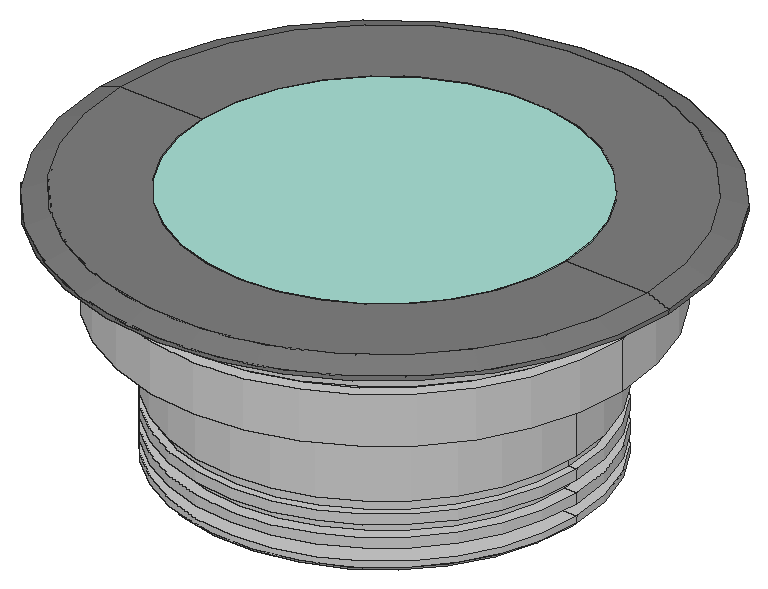
Revit family "Bright 5.F", category Lighting Fixtures, host Face, Revit 2017 (continued)
Types (16, lengths in mm): name | Wattage | Power | Photometric Web File | Optics | built-in parameter 1150142 | built-in parameter 1150105 | Lumens | built-in parameter 1150106 | Apparent Load Phase 1
    .00 0.00 0.00 0.00 0.00 0.00 \r\n0.00 0.00 0.00 0.00 0.00 0.00 0.00 0.00 0.00 0.00 0.00 \r\n0.00 0.00 0.00 0.00 0.00 0.00 0.00 0.00 0.00 0.00 0.00 \r\n0.00 0.00 0.00 0.00 0.00 0.00 0.00 0.00 0.00 0.00 0.00 \r\n2995.00 2939.38 2809.22 2604.99 2348.51 2067.10 1766.60 \r\n1480.29 1204.70 974.08 775.96 616.15 481.02 389.34 317.84 \r\n264.76 225.21 194.93 171.26 153.21 137.79 124.90 114.37 \r\n104.73 96.10 87.89 81.09 74.59 68.74 63.29 58.48 53.99 \r\n50.13 46.33 43.14 40.29 37.56 35.17 33.04 31.08 29.20 \r\n27.40 25.83 24.31 22.88 21.57 20.33 19.18 18.06 17.02 \r\n16.03 15.08 14.19 13.34 12.50 11.74 11.02 10.32 9.64 8.99 \r\n8.39 7.78 7.22 6.70 6.18 5.71 5.25 4.82 4.40 4.00 3.60 \r\n3.26 2.89 2.57 2.26 1.97 1.70 1.44 1.20 0.98 0.78 0.61 \r\n0.46 0.33 0.24 0.16 0.10 0.07 0.05 0.02 0.00 0.00 0.00 \r\n0.00 0.00 0.00 0.00 0.00 0.00 0.00 0.00 0.00 0.00 0.00 \r\n0.00 0.00 0.00 0.00 0.00 0.00 0.00 0.00 0.00 0.00 0.00 \r\n0.00 0.00 0.00 0.00 0.00 0.00 0.00 0.00 0.00 0.00 0.00 \r\n0.00 0.00 0.00 0.00 0.00 0.00 0.00 0.00 0.00 0.00 0.00 \r\n0.00 0.00 0.00 0.00 0.00 0.00 0.00 0.00 0.00 0.00 0.00 \r\n0.00 0.00 0.00 0.00 0.00 0.00 0.00 0.00 0.00 0.00 0.00 \r\n0.00 0.00 0.00 0.00 0.00 0.00 0.00 0.00 0.00 0.00 0.00 \r\n0.00 0.00 0.00 0.00 0.00 0.00 0.00 0.00 0.00 0.00 0.00 \r\n2995.00 2949.50 2826.43 2644.08 2410.85 2150.34 1863.22 \r\n1597.22 1325.66 1103.23 899.81 720.97 584.04 468.39 \r\n385.14 320.39 270.31 229.97 201.44 177.68 159.47 144.03 \r\n131.30 120.31 111.03 101.77 94.43 87.44 80.96 74.92 69.39 \r\n64.58 59.74 55.61 51.61 48.10 44.69 41.67 38.95 36.48 \r\n34.13 32.04 30.04 28.21 26.52 24.95 23.40 22.05 20.71 \r\n19.45 18.32 17.18 16.15 15.15 14.21 13.32 12.49 11.65 \r\n10.92 10.16 9.48 8.76 8.14 7.56 6.94 6.41 5.89 5.39 4.92 \r\n4.45 4.01 3.61 3.21 2.85 2.49 2.18 1.87 1.58 1.31 1.07 \r\n0.84 0.66 0.50 0.36 0.25 0.17 0.11 0.07 0.05 0.02 0.00 \r\n0.00 0.00 0.00 0.00 0.00 0.00 0.00 0.00 0.00 0.00 0.00 \r\n0.00 0.00 0.00 0.00 0.00 0.00 0.00 0.00 0.00 0.00 0.00 \r\n0.00 0.00 0.00 0.00 0.00 0.00 0.00 0.00 0.00 0.00 0.00 \r\n0.00 0.00 0.00 0.00 0.00 0.00 0.00 0.00 0.00 0.00 0.00 \r\n0.00 0.00 0.00 0.00 0.00 0.00 0.00 0.00 0.00 0.00 0.00 \r\n0.00 0.00 0.00 0.00 0.00 0.00 0.00 0.00 0.00 0.00 0.00 \r\n0.00 0.00 0.00 0.00 0.00 0.00 0.00 0.00 0.00 0.00 0.00 \r\n0.00 0.00 0.00 0.00 0.00 0.00 0.00 0.00 0.00 0.00 0.00 \r\n0.00 0.00 \r\n2995.00 2949.40 2845.86 2686.60 2469.40 2234.05 1978.12 \r\n1724.91 1481.56 1247.31 1044.36 874.70 701.14 586.00 \r\n487.31 403.57 340.09 288.61 247.59 218.07 193.33 172.88 \r\n157.06 143.18 131.61 121.31 112.31 104.77 97.16 90.47 \r\n84.59 78.42 73.23 68.33 63.46 59.15 54.90 51.07 47.44 \r\n44.12 41.32 38.43 35.78 33.44 31.14 29.17 27.32 25.55 \r\n23.94 22.43 21.00 19.67 18.44 17.24 16.16 15.09 14.11 \r\n13.19 12.29 11.46 10.64 9.87 9.14 8.44 7.76 7.15 6.55 \r\n5.99 5.45 4.93 4.43 3.99 3.55 3.14 2.75 2.38 2.05 1.73 \r\n1.44 1.16 0.93 0.71 0.54 0.38 0.26 0.18 0.11 0.07 0.05 \r\n0.02 0.00 0.00 0.00 0.00 0.00 0.00 0.00 0.00 0.00 0.00 \r\n0.00 0.00 0.00 0.00 0.00 0.00 0.00 0.00 0.00 0.00 0.00 \r\n0.00 0.00 0.00 0.00 0.00 0.00 0.00 0.00 0.00 0.00 0.00 \r\n0.00 0.00 0.00 0.00 0.00 0.00 0.00 0.00 0.00 0.00 0.00 \r\n0.00 0.00 0.00 0.00 0.00 0.00 0.00 0.00 0.00 0.00 0.00 \r\n0.00 0.00 0.00 0.00 0.00 0.00 0.00 0.00 0.00 0.00 0.00 \r\n0.00 0.00 0.00 0.00 0.00 0.00 0.00 0.00 0.00 0.00 0.00 \r\n0.00 0.00 0.00 0.00 0.00 0.00 0.00 0.00 0.00 0.00 0.00 \r\n0.00 0.00 0.00 0.00 \r\n2995.00 2959.17 2866.65 2723.95 2536.88 2327.40 2097.70 \r\n1869.09 1629.47 1420.50 1218.11 1034.03 875.90 740.07 \r\n621.85 527.29 447.10 379.63 327.44 282.93 249.72 220.57 \r\n197.56 179.02 163.72 149.40 138.39 128.33 119.45 111.21 \r\n103.61 97.17 90.47 84.46 78.53 73.21 68.22 63.46 58.86 \r\n54.71 50.84 47.16 43.56 40.49 37.58 34.79 32.31 30.07 \r\n28.01 26.07 24.34 22.63 21.15 19.62 18.36 17.12 15.99 \r\n14.89 13.86 12.86 11.95 11.01 10.22 9.44 8.65 7.96 7.27 \r\n6.64 6.05 5.46 4.89 4.37 3.87 3.43 2.99 2.61 2.23 1.87 \r\n1.56 1.26 1.01 0.77 0.58 0.41 0.28 0.18 0.12 0.08 0.05 \r\n0.02 0.00 0.00 0.00 0.00 0.00 0.00 0.00 0.00 0.00 0.00 \r\n0.00 0.00 0.00 0.00 0.00 0.00 0.00 0.00 0.00 0.00 0.00 \r\n0.00 0.00 0.00 0.00 0.00 0.00 0.00 0.00 0.00 0.00 0.00 \r\n0.00 0.00 0.00 0.00 0.00 0.00 0.00 0.00 0.00 0.00 0.00 \r\n0.00 0.00 0.00 0.00 0.00 0.00 0.00 0.00 0.00 0.00 0.00 \r\n0.00 0.00 0.00 0.00 0.00 0.00 0.00 0.00 0.00 0.00 0.00 \r\n0.00 0.00 0.00 0.00 0.00 0.00 0.00 0.00 0.00 0.00 0.00 \r\n0.00 0.00 0.00 0.00 0.00 0.00 0.00 0.00 0.00 0.00 0.00 \r\n0.00 0.00 0.00 0.00 \r\n2995.00 2965.58 2882.29 2764.19 2596.13 2419.95 2206.21 \r\n2007.87 1794.96 1601.90 1411.29 1239.94 1071.46 940.62 \r\n811.81 702.62 609.67 525.86 458.41 397.02 348.74 305.53 \r\n273.32 243.51 220.29 199.20 182.55 167.81 154.83 143.36 \r\n133.18 123.80 115.11 107.05 99.07 92.31 85.42 79.31 73.42 \r\n68.20 63.04 58.39 53.76 49.73 45.94 42.32 39.08 36.10 \r\n33.48 30.82 28.52 26.38 24.45 22.56 21.04 19.53 18.16 \r\n16.84 15.62 14.45 13.38 12.38 11.40 10.53 9.66 8.86 8.06 \r\n7.37 6.65 6.02 5.37 4.82 4.26 3.74 3.27 2.82 2.43 2.03 \r\n1.70 1.37 1.09 0.85 0.63 0.44 0.30 0.19 0.12 0.08 0.05 \r\n0.02 0.00 0.00 0.00 0.00 0.00 0.00 0.00 0.00 0.00 0.00 \r\n0.00 0.00 0.00 0.00 0.00 0.00 0.00 0.00 0.00 0.00 0.00 \r\n0.00 0.00 0.00 0.00 0.00 0.00 0.00 0.00 0.00 0.00 0.00 \r\n0.00 0.00 0.00 0.00 0.00 0.00 0.00 0.00 0.00 0.00 0.00 \r\n0.00 0.00 0.00 0.00 0.00 0.00 0.00 0.00 0.00 0.00 0.00 \r\n0.00 0.00 0.00 0.00 0.00 0.00 0.00 0.00 0.00 0.00 0.00 \r\n0.00 0.00 0.00 0.00 0.00 0.00 0.00 0.00 0.00 0.00 0.00 \r\n0.00 0.00 0.00 0.00 0.00 0.00 0.00 0.00 0.00 0.00 0.00 \r\n0.00 0.00 0.00 0.00 \r\n2995.00 2965.32 2897.41 2795.57 2648.44 2492.95 2322.95 \r\n2144.98 1961.90 1788.15 1620.59 1471.67 1307.87 1175.79 \r\n1054.30 937.21 834.89 740.21 654.40 583.90 515.31 459.21 \r\n410.44 366.82 330.37 297.41 270.90 246.94 225.32 205.44 \r\n189.08 172.89 158.50 146.02 132.81 121.63 111.08 101.42 \r\n93.29 85.07 78.43 71.96 65.83 60.58 55.61 51.22 47.09 \r\n43.06 39.63 36.39 33.37 30.70 28.36 26.05 24.10 22.17 \r\n20.55 18.96 17.59 16.24 14.96 13.79 12.72 11.66 10.71 \r\n9.82 8.92 8.11 7.32 6.59 5.90 5.27 4.63 4.09 3.56 3.06 \r\n2.63 2.20 1.83 1.48 1.18 0.90 0.67 0.48 0.32 0.21 0.13 \r\n0.08 0.05 0.02 0.00 0.00 0.00 0.00 0.00 0.00 0.00 0.00 \r\n0.00 0.00 0.00 0.00 0.00 0.00 0.00 0.00 0.00 0.00 0.00 \r\n0.00 0.00 0.00 0.00 0.00 0.00 0.00 0.00 0.00 0.00 0.00 \r\n0.00 0.00 0.00 0.00 0.00 0.00 0.00 0.00 0.00 0.00 0.00 \r\n0.00 0.00 0.00 0.00 0.00 0.00 0.00 0.00 0.00 0.00 0.00 \r\n0.00 0.00 0.00 0.00 0.00 0.00 0.00 0.00 0.00 0.00 0.00 \r\n0.00 0.00 0.00 0.00 0.00 0.00 0.00 0.00 0.00 0.00 0.00 \r\n0.00 0.00 0.00 0.00 0.00 0.00 0.00 0.00 0.00 0.00 0.00 \r\n0.00 0.00 0.00 0.00 0.00 0.00 \r\n2995.00 2972.26 2912.57 2824.51 2705.99 2570.86 2426.79 \r\n2273.88 2126.31 1972.45 1834.78 1698.74 1562.15 1445.48 \r\n1332.39 1221.87 1124.11 1026.37 939.38 856.31 782.23 \r\n712.27 652.10 596.94 547.70 499.04 457.51 421.49 386.90 \r\n353.24 324.14 294.05 266.09 238.80 211.42 186.60 164.37 \r\n144.50 127.50 113.03 100.98 90.84 81.41 73.75 66.93 60.98 \r\n55.74 50.79 46.44 42.50 38.83 35.52 32.55 29.80 27.37 \r\n25.12 23.15 21.32 19.63 18.11 16.68 15.31 14.07 12.93 \r\n11.79 10.81 9.80 8.93 8.07 7.25 6.45 5.75 5.08 4.48 3.88 \r\n3.35 2.86 2.39 1.98 1.60 1.27 0.98 0.73 0.51 0.34 0.22 \r\n0.14 0.09 0.06 0.02 0.00 0.00 0.00 0.00 0.00 0.00 0.00 \r\n0.00 0.00 0.00 0.00 0.00 0.00 0.00 0.00 0.00 0.00 0.00 \r\n0.00 0.00 0.00 0.00 0.00 0.00 0.00 0.00 0.00 0.00 0.00 \r\n0.00 0.00 0.00 0.00 0.00 0.00 0.00 0.00 0.00 0.00 0.00 \r\n0.00 0.00 0.00 0.00 0.00 0.00 0.00 0.00 0.00 0.00 0.00 \r\n0.00 0.00 0.00 0.00 0.00 0.00 0.00 0.00 0.00 0.00 0.00 \r\n0.00 0.00 0.00 0.00 0.00 0.00 0.00 0.00 0.00 0.00 0.00 \r\n0.00 0.00 0.00 0.00 0.00 0.00 0.00 0.00 0.00 0.00 0.00 \r\n0.00 0.00 0.00 0.00 0.00 0.00 0.00 \r\n2995.00 2975.62 2924.59 2850.09 2741.94 2634.42 2512.64 \r\n2383.51 2254.43 2134.13 2024.04 1917.68 1811.60 1711.61 \r\n1619.23 1527.05 1446.02 1361.77 1282.86 1209.64 1137.35 \r\n1071.49 1011.45 953.66 903.02 850.22 804.86 761.55 715.42 \r\n670.90 627.40 576.39 521.77 464.83 400.34 345.17 287.42 \r\n240.79 199.92 166.47 140.60 121.40 104.59 92.18 81.18 \r\n72.78 65.72 59.03 53.80 49.20 44.58 40.61 37.07 33.80 \r\n31.07 28.33 25.92 23.87 21.88 20.16 18.52 16.93 15.62 \r\n14.28 13.06 11.91 10.77 9.80 8.88 8.01 7.13 6.32 5.58 \r\n4.92 4.23 3.67 3.14 2.62 2.17 1.75 1.38 1.06 0.78 0.55 \r\n0.36 0.23 0.14 0.09 0.06 0.02 0.00 0.00 0.00 0.00 0.00 \r\n0.00 0.00 0.00 0.00 0.00 0.00 0.00 0.00 0.00 0.00 0.00 \r\n0.00 0.00 0.00 0.00 0.00 0.00 0.00 0.00 0.00 0.00 0.00 \r\n0.00 0.00 0.00 0.00 0.00 0.00 0.00 0.00 0.00 0.00 0.00 \r\n0.00 0.00 0.00 0.00 0.00 0.00 0.00 0.00 0.00 0.00 0.00 \r\n0.00 0.00 0.00 0.00 0.00 0.00 0.00 0.00 0.00 0.00 0.00 \r\n0.00 0.00 0.00 0.00 0.00 0.00 0.00 0.00 0.00 0.00 0.00 \r\n0.00 0.00 0.00 0.00 0.00 0.00 0.00 0.00 0.00 0.00 0.00 \r\n0.00 0.00 0.00 0.00 0.00 0.00 0.00 0.00 0.00 \r\n2995.00 2976.82 2932.31 2864.05 2774.64 2678.18 2573.61 \r\n2471.93 2364.14 2267.25 2179.06 2097.07 2015.17 1944.17 \r\n1876.29 1812.04 1749.67 1686.33 1628.93 1574.49 1523.58 \r\n1473.50 1432.37 1392.83 1357.53 1324.41 1293.26 1264.54 \r\n1230.47 1188.99 1139.35 1070.15 990.22 881.84 773.45 \r\n649.74 534.56 427.24 338.43 267.55 212.85 169.63 139.64 \r\n117.30 101.07 88.53 78.40 70.17 63.40 57.51 52.40 47.54 \r\n43.50 39.58 36.32 33.10 30.36 27.86 25.64 23.57 21.57 \r\n19.79 18.14 16.69 15.27 13.95 12.64 11.48 10.37 9.35 8.36 \r\n7.42 6.52 5.76 5.01 4.30 3.67 3.07 2.52 2.04 1.58 1.20 \r\n0.89 0.62 0.41 0.26 0.16 0.09 0.06 0.02 0.00 0.00 0.00 \r\n0.00 0.00 0.00 0.00 0.00 0.00 0.00 0.00 0.00 0.00 0.00 \r\n0.00 0.00 0.00 0.00 0.00 0.00 0.00 0.00 0.00 0.00 0.00 \r\n0.00 0.00 0.00 0.00 0.00 0.00 0.00 0.00 0.00 0.00 0.00 \r\n0.00 0.00 0.00 0.00 0.00 0.00 0.00 0.00 0.00 0.00 0.00 \r\n0.00 0.00 0.00 0.00 0.00 0.00 0.00 0.00 0.00 0.00 0.00 \r\n0.00 0.00 0.00 0.00 0.00 0.00 0.00 0.00 0.00 0.00 0.00 \r\n0.00 0.00 0.00 0.00 0.00 0.00 0.00 0.00 0.00 0.00 0.00 \r\n0.00 0.00 0.00 0.00 0.00 0.00 0.00 0.00 0.00 0.00 0.00 \r\n2995.00 2978.95 2938.24 2877.81 2794.54 2709.85 2617.53 \r\n2523.74 2432.19 2351.12 2276.56 2213.79 2152.26 2101.93 \r\n2052.20 2008.92 1967.17 1927.50 1891.53 1856.90 1828.06 \r\n1804.52 1786.11 1771.92 1764.08 1757.51 1753.89 1748.94 \r\n1737.51 1712.94 1666.28 1597.28 1485.15 1353.05 1182.90 \r\n1007.27 820.45 659.59 505.24 391.48 295.99 229.36 177.82 \r\n145.61 121.77 105.08 92.51 82.68 74.96 67.96 62.41 56.95 \r\n52.47 47.98 44.34 40.69 37.75 34.73 32.11 29.59 27.40 \r\n25.25 23.38 21.63 19.94 18.48 16.78 15.34 13.93 12.61 \r\n11.30 10.09 8.95 7.90 6.90 5.97 5.11 4.25 3.50 2.79 2.18 \r\n1.62 1.20 0.80 0.53 0.31 0.18 0.10 0.06 0.02 0.01 0.00 \r\n0.00 0.00 0.00 0.00 0.00 0.00 0.00 0.00 0.00 0.00 0.00 \r\n0.00 0.00 0.00 0.00 0.00 0.00 0.00 0.00 0.00 0.00 0.00 \r\n0.00 0.00 0.00 0.00 0.00 0.00 0.00 0.00 0.00 0.00 0.00 \r\n0.00 0.00 0.00 0.00 0.00 0.00 0.00 0.00 0.00 0.00 0.00 \r\n0.00 0.00 0.00 0.00 0.00 0.00 0.00 0.00 0.00 0.00 0.00 \r\n0.00 0.00 0.00 0.00 0.00 0.00 0.00 0.00 0.00 0.00 0.00 \r\n0.00 0.00 0.00 0.00 0.00 0.00 0.00 0.00 0.00 0.00 0.00 \r\n0.00 0.00 0.00 0.00 0.00 0.00 0.00 0.00 0.00 0.00 0.00 \r\n0.00 \r\n2995.00 2978.84 2942.36 2882.05 2801.38 2716.91 2630.02 \r\n2545.80 2462.93 2382.07 2316.37 2260.22 2200.45 2159.24 \r\n2120.52 2080.91 2047.53 2016.79 1989.03 1962.32 1942.25 \r\n1930.15 1923.51 1920.92 1924.01 1932.59 1944.47 1955.47 \r\n1960.29 1944.40 1915.17 1836.31 1728.15 1571.62 1379.19 \r\n1171.56 970.26 762.32 581.47 437.37 331.53 256.42 196.71 \r\n157.55 132.20 112.29 99.92 88.96 80.67 73.68 67.42 62.19 \r\n57.47 52.97 49.20 45.49 42.22 39.35 36.23 33.62 31.41 \r\n29.04 27.08 25.14 23.30 21.77 19.87 18.19 16.64 15.07 \r\n13.64 12.13 10.89 9.70 8.43 7.31 6.33 5.25 4.28 3.42 2.66 \r\n2.00 1.44 0.97 0.63 0.36 0.20 0.10 0.06 0.02 0.01 0.00 \r\n0.00 0.00 0.00 0.00 0.00 0.00 0.00 0.00 0.00 0.00 0.00 \r\n0.00 0.00 0.00 0.00 0.00 0.00 0.00 0.00 0.00 0.00 0.00 \r\n0.00 0.00 0.00 0.00 0.00 0.00 0.00 0.00 0.00 0.00 0.00 \r\n0.00 0.00 0.00 0.00 0.00 0.00 0.00 0.00 0.00 0.00 0.00 \r\n0.00 0.00 0.00 0.00 0.00 0.00 0.00 0.00 0.00 0.00 0.00 \r\n0.00 0.00 0.00 0.00 0.00 0.00 0.00 0.00 0.00 0.00 0.00 \r\n0.00 0.00 0.00 0.00 0.00 0.00 0.00 0.00 0.00 0.00 0.00 \r\n0.00 0.00 0.00 0.00 0.00 0.00 0.00 0.00 0.00 0.00 0.00 \r\n0.00 \r\n2995.00 2978.95 2938.24 2877.81 2794.54 2709.85 2617.53 \r\n2523.74 2432.19 2351.12 2276.56 2213.79 2152.26 2101.93 \r\n2052.20 2008.92 1967.17 1927.50 1891.53 1856.90 1828.06 \r\n1804.52 1786.11 1771.92 1764.08 1757.51 1753.89 1748.94 \r\n1737.51 1712.94 1666.28 1597.28 1485.15 1353.05 1182.90 \r\n1007.27 820.45 659.59 505.24 391.48 295.99 229.36 177.82 \r\n145.61 121.77 105.08 92.51 82.68 74.96 67.96 62.41 56.95 \r\n52.47 47.98 44.34 40.69 37.75 34.73 32.11 29.59 27.40 \r\n25.25 23.38 21.63 19.94 18.48 16.78 15.34 13.93 12.61 \r\n11.30 10.09 8.95 7.90 6.90 5.97 5.11 4.25 3.50 2.79 2.18 \r\n1.62 1.20 0.80 0.53 0.31 0.18 0.10 0.06 0.02 0.01 0.00 \r\n0.00 0.00 0.00 0.00 0.00 0.00 0.00 0.00 0.00 0.00 0.00 \r\n0.00 0.00 0.00 0.00 0.00 0.00 0.00 0.00 0.00 0.00 0.00 \r\n0.00 0.00 0.00 0.00 0.00 0.00 0.00 0.00 0.00 0.00 0.00 \r\n0.00 0.00 0.00 0.00 0.00 0.00 0.00 0.00 0.00 0.00 0.00 \r\n0.00 0.00 0.00 0.00 0.00 0.00 0.00 0.00 0.00 0.00 0.00 \r\n0.00 0.00 0.00 0.00 0.00 0.00 0.00 0.00 0.00 0.00 0.00 \r\n0.00 0.00 0.00 0.00 0.00 0.00 0.00 0.00 0.00 0.00 0.00 \r\n0.00 0.00 0.00 0.00 0.00 0.00 0.00 0.00 0.00 0.00 0.00 \r\n0.00 \r\n2995.00 2976.82 2932.31 2864.05 2774.64 2678.18 2573.61 \r\n2471.93 2364.14 2267.25 2179.06 2097.07 2015.17 1944.17 \r\n1876.29 1812.04 1749.67 1686.33 1628.93 1574.49 1523.58 \r\n1473.50 1432.37 1392.83 1357.53 1324.41 1293.26 1264.54 \r\n1230.47 1188.99 1139.35 1070.15 990.22 881.84 773.45 \r\n649.74 534.56 427.24 338.43 267.55 212.85 169.63 139.64 \r\n117.30 101.07 88.53 78.40 70.17 63.40 57.51 52.40 47.54 \r\n43.50 39.58 36.32 33.10 30.36 27.86 25.64 23.57 21.57 \r\n19.79 18.14 16.69 15.27 13.95 12.64 11.48 10.37 9.35 8.36 \r\n7.42 6.52 5.76 5.01 4.30 3.67 3.07 2.52 2.04 1.58 1.20 \r\n0.89 0.62 0.41 0.26 0.16 0.09 0.06 0.02 0.00 0.00 0.00 \r\n0.00 0.00 0.00 0.00 0.00 0.00 0.00 0.00 0.00 0.00 0.00 \r\n0.00 0.00 0.00 0.00 0.00 0.00 0.00 0.00 0.00 0.00 0.00 \r\n0.00 0.00 0.00 0.00 0.00 0.00 0.00 0.00 0.00 0.00 0.00 \r\n0.00 0.00 0.00 0.00 0.00 0.00 0.00 0.00 0.00 0.00 0.00 \r\n0.00 0.00 0.00 0.00 0.00 0.00 0.00 0.00 0.00 0.00 0.00 \r\n0.00 0.00 0.00 0.00 0.00 0.00 0.00 0.00 0.00 0.00 0.00 \r\n0.00 0.00 0.00 0.00 0.00 0.00 0.00 0.00 0.00 0.00 0.00 \r\n0.00 0.00 0.00 0.00 0.00 0.00 0.00 0.00 0.00 0.00 0.00 \r\n2995.00 2975.62 2924.59 2850.09 2741.94 2634.42 2512.64 \r\n2383.51 2254.43 2134.13 2024.04 1917.68 1811.60 1711.61 \r\n1619.23 1527.05 1446.02 1361.77 1282.86 1209.64 1137.35 \r\n1071.49 1011.45 953.66 903.02 850.22 804.86 761.55 715.42 \r\n670.90 627.40 576.39 521.77 464.83 400.34 345.17 287.42 \r\n240.79 199.92 166.47 140.60 121.40 104.59 92.18 81.18 \r\n72.78 65.72 59.03 53.80 49.20 44.58 40.61 37.07 33.80 \r\n31.07 28.33 25.92 23.87 21.88 20.16 18.52 16.93 15.62 \r\n14.28 13.06 11.91 10.77 9.80 8.88 8.01 7.13 6.32 5.58 \r\n4.92 4.23 3.67 3.14 2.62 2.17 1.75 1.38 1.06 0.78 0.55 \r\n0.36 0.23 0.14 0.09 0.06 0.02 0.00 0.00 0.00 0.00 0.00 \r\n0.00 0.00 0.00 0.00 0.00 0.00 0.00 0.00 0.00 0.00 0.00 \r\n0.00 0.00 0.00 0.00 0.00 0.00 0.00 0.00 0.00 0.00 0.00 \r\n0.00 0.00 0.00 0.00 0.00 0.00 0.00 0.00 0.00 0.00 0.00 \r\n0.00 0.00 0.00 0.00 0.00 0.00 0.00 0.00 0.00 0.00 0.00 \r\n0.00 0.00 0.00 0.00 0.00 0.00 0.00 0.00 0.00 0.00 0.00 \r\n0.00 0.00 0.00 0.00 0.00 0.00 0.00 0.00 0.00 0.00 0.00 \r\n0.00 0.00 0.00 0.00 0.00 0.00 0.00 0.00 0.00 0.00 0.00 \r\n0.00 0.00 0.00 0.00 0.00 0.00 0.00 0.00 0.00 \r\n2995.00 2972.26 2912.57 2824.51 2705.99 2570.86 2426.79 \r\n2273.88 2126.31 1972.45 1834.78 1698.74 1562.15 1445.48 \r\n1332.39 1221.87 1124.11 1026.37 939.38 856.31 782.23 \r\n712.27 652.10 596.94 547.70 499.04 457.51 421.49 386.90 \r\n353.24 324.14 294.05 266.09 238.80 211.42 186.60 164.37 \r\n144.50 127.50 113.03 100.98 90.84 81.41 73.75 66.93 60.98 \r\n55.74 50.79 46.44 42.50 38.83 35.52 32.55 29.80 27.37 \r\n25.12 23.15 21.32 19.63 18.11 16.68 15.31 14.07 12.93 \r\n11.79 10.81 9.80 8.93 8.07 7.25 6.45 5.75 5.08 4.48 3.88 \r\n3.35 2.86 2.39 1.98 1.60 1.27 0.98 0.73 0.51 0.34 0.22 \r\n0.14 0.09 0.06 0.02 0.00 0.00 0.00 0.00 0.00 0.00 0.00 \r\n0.00 0.00 0.00 0.00 0.00 0.00 0.00 0.00 0.00 0.00 0.00 \r\n0.00 0.00 0.00 0.00 0.00 0.00 0.00 0.00 0.00 0.00 0.00 \r\n0.00 0.00 0.00 0.00 0.00 0.00 0.00 0.00 0.00 0.00 0.00 \r\n0.00 0.00 0.00 0.00 0
